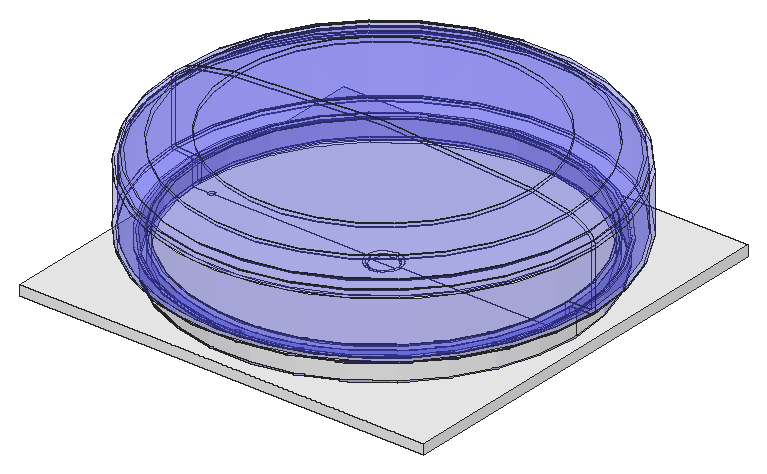
Revit family "BE_50034P_de_DE", category Leuchten, Revit 2020
Family settings
  Basisbauteil = Fläche
  Bemaßung runder Anschluss = Durchmesser verwenden
  Teiletyp = Normal
  Beim Laden mit Abzugskörper schneiden = Ja
  Lichtquelle = Ja
  Gemeinsam genutzt = Nein
  Raumberechnungspunkt = Ja
Parameters (values of type "BEGA_50034P_K4")
  built-in parameter 1150104 = 11.669 (stored number, unit not read)
  Wattage = 43.5 W
  Default Elevation = 0 mm
  built-in parameter 1150113 = 1 (stored number, unit not read)
  built-in parameter 1114218 = 1 (stored number, unit not read)
  Umgebungstemperatur = "25 °C"
  URL = "https://www.bega.com/de/produkt/50034P"
  Typenkommentare = "© 2022 BEGA. Wir behalten uns das Recht vor, technische Änderungen ohne vorherige Ankündigung vorzunehmen."  # constant formula
  built-in parameter 1150134 = (empty or 0)
  built-in parameter 1150109 = 1 (stored number, unit not read)
  Strom = ""
  built-in parameter 1150110 = 1 (stored number, unit not read)
  Spannung = 239.996 V
  Sonderanfertigung = no
  Seriennummer [instance] = "Hier können Sie die eindeutige Seriennummer für das Facility Management eintragen."
  Schutzklasse = "I"
  Schutzart = "IP 20"
  Scheinlast = 0 VA
  Produktdatenblatt = "http://www.bega.de/download/Xrfa/db/50034P.db.de.pdf"
  Oberflächentemperatur = ""
  Neigungswinkel = 0.00°
  Model = "50034PK2"
  Material_17 = BEGA_Reflektor
  Material_15 = BEGA_Leuchtmedium_matt
  Material_14 = BEGA_Kunststoff_opal
  Material_11 = BEGA_Glas_opal
  Material_09 = BEGA_Glas_klar
  Material_06 = BEGA_Oberfläche_Edelstahl_gebürstet
  Material_03 = BEGA_Oberfläche_Weiss_matt
  Material_02 = BEGA_Oberfläche_Silber_matt
  Material_01 [instance] = BEGA_Oberfläche_Grafit_matt
  M_W = no
  M_G = no
  M_A = no
  Logo = 0
  built-in parameter 1114217 = 1 (stored number, unit not read)
  built-in parameter 1150139 = (empty or 0)
  built-in parameter 1150105 = 1311.8 (stored number, unit not read)
  built-in parameter 1150114 = 1 (stored number, unit not read)
  Lumens = 5463.6 lm
  built-in parameter 1150115 = 1 (stored number, unit not read)
  Leuchtenlichtstrom = "4307 lm"
  Leuchtenanzahl = ""
  Lebensdauerkriterien = "L70B50 @ 25 °C = 139000 h"
  Lastklassifizierung = Beleuchtung
  built-in parameter 1150112 = 1 (stored number, unit not read)
  Lampenlichtstrom = "5465 lm"
  Lamp = "LED 43.5 W"
  LED_Modulbezeichnung = "LED-0630/927"
  Hersteller = "BEGA"  # constant formula
  Halbstreuwinkel = ""
  Gewicht = "2.1 kg"
  Gebrauchslageneinschränkung [instance] = ""
  Frequenz = "0/50-60 Hz"
  Farbwiedergabeindex = "CRI > 90"
  Farbtemperaturverschiebung bei Dämpfen der Lampe = <Keine Auswahl>
  Farbtemperatur = "2700 K"
  Color Filter = 16777215
  built-in parameter 1150133 = 10 (stored number, unit not read)
  Energieeffizienzklasse = "LED A++ - A"
  built-in parameter 1150137 = (empty or 0)
  built-in parameter 1150132 = (empty or 0)
  ENEC = "ja"
  Dimmbar [instance] = ""
  Photometric Web File = "BE_50034PK2.IES"
  CE_Konformität = "ja"
  Bestellnummer = "50034PK2"
  Beschreibung_Sonderanfertigung = "Hier können Sie Informationen zur Sonderanfertigung eintragen."
  Beschreibung = "Decken- und Wandleuchte"
  built-in parameter 1150106 = 13.118 (stored number, unit not read)
  Befestigungsbohrung = "Ø 6 mm"
  Befestigungsabstand = "340 mm"
  Ballwurfsicher = ""
  BEGA_Intern_aus = yes
  BEGA_Intern_an = yes
  BEGA_Intern_Konstruktion = yes
  BEGA_Intern = yes
  BEGA_IES = yes
  BEGA_Dummy = no
  Anschlussleitung = ""
  Anschlussleistung [instance] = "48.7 W"
  Anschlusskasten = ""
  built-in parameter 1150107 = 2700 (stored number, unit not read)
  built-in parameter 1150102 = (empty or 0)
  built-in parameter 1150138 = (empty or 0)
  Aktualisierung = "2020-05-11T04:00:10"
  Abstand_zur_angestrahlten_Fläche [instance] = ""
  AC/DC = "AC/DC"
Types (3, lengths in mm): name | built-in parameter 1150104 | built-in parameter 1150134 | Model | built-in parameter 1150105 | Lumens | Leuchtenlichtstrom | Lampenlichtstrom | LED_Modulbezeichnung | Farbtemperatur | Photometric Web File | Bestellnummer | built-in parameter 1150106 | built-in parameter 1150107
  BEGA_50034P_K4 | 12.18 (stored number, unit not read) | 12 | "50034PK4" | 453.82 (stored number, unit not read) | 5702.85 lm | "5072 lm" | "6435 lm" | "LED-0630/930" | "4000 K" | "BE_50034PK4.IES" | "50034PK4" | 4.5382 (stored number, unit not read) | 4000 (stored number, unit not read)
  BEGA_50034P_K3 | 11.762 (stored number, unit not read) | (empty or 0) | "50034PK3" | 1322.3 (stored number, unit not read) | 5507.1 lm | "5072 lm" | "6435 lm" | "LED-0630/930" | "3000 K" | "BE_50034PK3.IES" | "50034PK3" | 13.223 (stored number, unit not read) | 3000 (stored number, unit not read)
  BEGA_50034P_K27 | 12.18 (stored number, unit not read) | 12 | "50034PK27" | 453.82 (stored number, unit not read) | 5702.85 lm | "4906 lm" | "6225 lm" | "LED-0630/927" | "2700 K" | "BE_50034PK27.IES" | "50034PK27" | 4.5382 (stored number, unit not read) | 4000 (stored number, unit not read)
Reference planes
  plane 1 "Mitte (Vorne/Hinten)": y = 0
  plane 2: z = 0
  plane 3 "Mitte (Links/Rechts)": x = 0
  plane 4 "Links": x = -210
  plane 5 "Rechts": x = 210
  plane 6 "Unten": y = -210
  plane 7 "Oben": y = 210
  plane 8 "Vorne": z = 127.8
  plane 9 "Hinten": z = 0
Forms (mm)
  Extrusion 1, solid, material "BEGA_Platte_Weiss"
    sketch origin (0, -1119.2, 0) x (1, 0, 0) y (0, 1, 0)
      loop
        line (-200, 1319.2) -> (-200, 919.2) -> (200, 919.2) -> (200, 1319.2) -> (-200, 1319.2)
    from 0 to -10
  Extrusion 2, solid, material "BEGA_Dummy_matt", visible <- "BEGA_Dummy"
    sketch origin (77.149, -76.023, 0) x (1, 0, 0) y (0, 1, 0)
      loop
        circle (-77.149, 76.023) r 210
    from 0 to 127.8
Dimensions and locks
  plane 1 "Mitte (Vorne/Hinten)" to Extrusion 1 = 200 mm
  aligned and locked: plane 2 to Extrusion 1
  aligned and locked: level to Extrusion 1
Nested families
  nested 1: "BE_50034P" at (0, 0, 0) x (0, -1, 0) z (0, 0, 1), type "BE_50034P"
Connectors
  electrical at (0, 0, 0), driven by "Lastklassifizierung", driven by "Spannung", driven by "Scheinlast"
    settings: index 1, voltage 239.996 V, apparent load 0 VA, apparent load phase1 0 VA, apparent load phase2 0 VA, apparent load phase3 0 VA, power factor 1, load classification "Beleuchtung", number of poles 1, system type 31, power factor state 1, is connector primary yes, connector utility no, sub classification motor no, connector description ""
Definition of nested family "BE_50034P"
  Parameters (values of type "BE_50034P")
    Default Elevation = 1 mm
    URL = "http://www.bega.de/de/produkt"
    Type Comments = "© 2015 BEGA. Wir behalten uns das Recht vor, technische Änderungen ohne vorherige Ankündigung vorzunehmen. "  # constant formula
    Type Image = (empty or 0)
    Neigungswinkel_um_Z2 = 0.00°
    Neigungswinkel_um_Z1 = 0.00°
    Neigungswinkel_um_Y2 = 0.00°
    Neigungswinkel_um_Y1 = 0.00°
    Neigungswinkel_um_X2 = 0.00°
    Neigungswinkel_um_X1 = 0.00°
    Material_17 = none
    Material_15 = none
    Material_14 = none
    Material_11 = none
    Material_09 = none
    Material_06 = none
    Material_05 = none
    Material_03 = none
    Material_02 = none
    Material_01 = none
    M_W = yes
    M_G = yes
    M_A = yes
    Länge_Platte = 600 mm  # constant formula
    Höhe_Platte = -10 mm  # constant formula
    Manufacturer = "BEGA"  # constant formula
    Drehwinkel_um_Z2 = 0.00°
    Drehwinkel_um_Z1 = 0.00°
    Breite_Platte = 600 mm  # constant formula
  Reference planes
    plane 1 "Mitte (Oben/Unten)": y = 0
    plane 2: z = 0
    plane 3 "Mitte (Links/Rechts)": x = 0
    plane 4: y = 210
    plane 5: z = 127.8
    plane 6: y = -210
    plane 7: x = -210
    plane 8: x = 210
  Forms (mm)
    Extrusion 1, solid, detail levels medium
      sketch origin (0, 0, 0) x (1, 0, 0) y (0, 1, 0)
        loop
          line (-300, 300) -> (-300, -300) -> (300, -300) -> (300, 300) -> (-300, 300)
      from 0 to -10 <- "Höhe_Platte"
    Revolve 2, solid, material <- "Material_03", detail levels medium+fine
      sketch origin (0, 0, 0) x (0, 1, 0) y (0, 0, 1)
        loop
          arc (16.416, 3.3) -> (15.11, 2.929) -> (14.191, 1.93) r 2.5
          arc (14.191, 1.93) -> (13.639, 1.325) -> (12.852, 1.1) r 1.5
          line (12.852, 1.1) -> (0.002, 1.1) -> (0.002, 0.1) -> (13.076, 0.1)
          arc (13.076, 0.1) -> (14.387, 0.471) -> (15.313, 1.475) r 2.5
          arc (15.313, 1.475) -> (15.866, 2.077) -> (16.653, 2.3) r 1.5
          line (16.653, 2.3) -> (188.667, 2.3)
          arc (188.667, 2.3) -> (190.064, 2.868) -> (190.667, 4.25) r 2
          line (190.667, 4.25) -> (191.038, 25.509)
          arc (191.038, 25.509) -> (191.277, 26.071) -> (191.842, 26.3) r 0.8
          line (191.842, 26.3) -> (194, 26.3) -> (194, 27.3) -> (191.844, 27.3)
          arc (191.844, 27.3) -> (190.578, 26.786) -> (190.038, 25.531) r 1.8
          line (190.038, 25.531) -> (189.667, 4.275)
          arc (189.667, 4.275) -> (189.365, 3.584) -> (188.667, 3.3) r 1
          line (188.667, 3.3) -> (16.416, 3.3)
        axis (0.002, 0.1) -> (0.002, 27.3)
      angle from 0 to 360
    Revolve 3, solid, material <- "Material_03", detail levels medium+fine
      sketch origin (87.5, 0, 0) x (0, 1, 0) y (0, 0, 1)
        loop
          line (151.554, 0) -> (151.554, 2.691) -> (145.799, 2.691)
          arc (145.799, 2.691) -> (148.377, 0.706) -> (151.554, 0) r 7.5
        axis (151.554, 2.691) -> (151.554, 0)
      angle from 0 to 360
    Extrusion 4, void
      sketch origin (0, 0, 0) x (1, 0, 0) y (0, 1, 0)
        loop
          circle (163, 18) r 8.5
        loop
          circle (163, -18) r 8.5
        loop
          circle (0, 170) r 3
        loop
          circle (0, -170) r 3
      from 0 to 7.205
    Revolve 5, solid, material <- "Material_14", detail levels medium+fine
      sketch origin (0, 0, 0) x (0, 1, 0) y (0, 0, 1)
        loop
          arc (185.037, 111.947) -> (166.501, 116.443) -> (147.656, 119.387) r 230
          arc (147.656, 119.387) -> (73.948, 125.695) -> (0, 127.8) r 1299.91
          line (0, 127.8) -> (0, 123.8)
          arc (0, 123.8) -> (73.763, 121.699) -> (147.287, 115.403) r 1295.91
          arc (147.287, 115.403) -> (165.775, 112.509) -> (183.961, 108.094) r 226
          arc (183.961, 108.094) -> (193.162, 104.323) -> (201.339, 98.662) r 46
          arc (201.339, 98.662) -> (203.744, 95.883) -> (205.275, 92.542) r 13
          arc (205.275, 92.542) -> (205.818, 90.189) -> (206, 87.78) r 16
          line (206, 87.78) -> (206, 32.958) -> (182.901, 31.748)
          arc (182.901, 31.748) -> (180.841, 30.798) -> (180, 28.691) r 3.061
          line (180, 28.691) -> (180, 10.3) -> (184, 10.3) -> (184, 26.851)
          arc (184, 26.851) -> (184.275, 27.539) -> (184.948, 27.85) r 1
          line (184.948, 27.85) -> (207.172, 29.014)
          arc (207.172, 29.014) -> (209.181, 29.95) -> (210, 32.009) r 3
          line (210, 32.009) -> (210, 87.839)
          arc (210, 87.839) -> (209.678, 91.376) -> (208.735, 94.8) r 20
          arc (208.735, 94.8) -> (206.78, 98.538) -> (203.964, 101.679) r 17
          arc (203.964, 101.679) -> (195.06, 107.844) -> (185.037, 111.947) r 50
        axis (0, 127.8) -> (0, 10.3)
      angle from 0 to 360
    Revolve 6, solid, material <- "Material_03", detail levels medium+fine
      sketch origin (-43.75, -75.777, 0) x (0.866025, -0.5, 0) y (0, 0, 1)
        loop
          line (151.554, 0) -> (151.554, 2.691) -> (145.799, 2.691)
          arc (145.799, 2.691) -> (148.377, 0.706) -> (151.554, 0) r 7.5
        axis (151.554, 2.691) -> (151.554, 0)
      angle from 0 to 360
    Revolve 7, solid, material <- "Material_03", detail levels medium+fine
      sketch origin (-43.75, 75.777, 0) x (-0.866025, -0.5, 0) y (0, 0, 1)
        loop
          line (151.554, 0) -> (151.554, 2.691) -> (145.799, 2.691)
          arc (145.799, 2.691) -> (148.377, 0.706) -> (151.554, 0) r 7.5
        axis (151.554, 2.691) -> (151.554, 0)
      angle from 0 to 360
  Cuts and joins
    Extrusion 4 cuts Revolve 2
    Extrusion 4 cuts Revolve 3
    joined: Revolve 2, Revolve 3, Revolve 6, Revolve 7
  Dimensions and locks
    equal spacing: Extrusion 1 sketch curve, plane 3 "Mitte (Links/Rechts)", Extrusion 1 sketch curve
    equal spacing: Extrusion 1 sketch curve, plane 1 "Mitte (Oben/Unten)", Extrusion 1 sketch curve
    "Länge_Platte": Extrusion 1 sketch curve to Extrusion 1 sketch curve
    "Breite_Platte": Extrusion 1 sketch curve to Extrusion 1 sketch curve
    aligned and locked: Extrusion 1 to plane 2
    aligned and locked: level to Extrusion 1
  Automatic sketch dimensions
    Revolve 2 sketch curve to Revolve 2 sketch curve = 0 mm  (x14)
    level to Revolve 2 sketch curve = 2.6 mm
    Revolve 2 sketch curve to plane 1 "Mitte (Oben/Unten)" = 12.849 mm
    Revolve 2 sketch curve to Revolve 2 sketch curve = 0.003 mm
    Revolve 2 sketch curve to Revolve 2 sketch curve = 0.227 mm
    Revolve 2 sketch curve to Revolve 2 sketch curve = 3.34 mm
    level to Revolve 2 sketch curve = 0.8 mm
    Revolve 2 sketch curve to Revolve 2 sketch curve = 0.005 mm
    Revolve 2 sketch curve to Revolve 2 sketch curve = 0.236 mm
    level to Revolve 2 sketch curve = 3.3 mm
    level to Revolve 2 sketch curve = 4.275 mm
    Revolve 2 sketch curve to Revolve 2 sketch curve = 1 mm  (x6)
    level to Revolve 2 sketch curve = 4.25 mm
    Revolve 2 sketch curve to Revolve 2 sketch curve = 0.8 mm
    Revolve 2 sketch curve to Revolve 2 sketch curve = 0.004 mm  (x2)
    Revolve 2 sketch curve to Revolve 2 sketch curve = 0.002 mm
    Revolve 2 sketch curve to Revolve 2 sketch curve = 2.158 mm
    level to Revolve 2 sketch curve = 0.1 mm
    Revolve 2 sketch curve to Revolve 2 sketch curve = 21.25 mm
    Revolve 2 sketch curve to Revolve 2 sketch curve = 0.009 mm
    Revolve 2 sketch curve to plane 1 "Mitte (Oben/Unten)" = 0.002 mm
    Revolve 2 sketch curve to Revolve 2 sketch curve = 1.118 mm
    Revolve 3 sketch curve to Revolve 3 sketch curve = 0 mm  (x3)
    Revolve 3 sketch curve to Revolve 3 sketch curve = 4.809 mm
    Revolve 3 sketch curve to Revolve 3 sketch curve = 2.309 mm
    Revolve 3 sketch curve to Revolve 3 sketch curve = 5.756 mm
    Revolve 6 sketch curve to Revolve 6 sketch curve = 0 mm  (x3)
    Revolve 6 sketch curve to Revolve 6 sketch curve = 4.809 mm
    Revolve 6 sketch curve to Revolve 6 sketch curve = 2.309 mm
    Revolve 6 sketch curve to Revolve 6 sketch curve = 5.756 mm
    Revolve 7 sketch curve to Revolve 7 sketch curve = 0 mm  (x3)
    Revolve 7 sketch curve to Revolve 7 sketch curve = 4.809 mm
    Revolve 7 sketch curve to Revolve 7 sketch curve = 2.309 mm
    Revolve 7 sketch curve to Revolve 7 sketch curve = 5.756 mm
    Revolve 3 sketch curve to level = 0 mm
    Revolve 6 sketch curve to level = 0 mm
    level to Revolve 7 sketch curve = 0 mm
    plane 1 "Mitte (Oben/Unten)" to Extrusion 4 sketch curve = 18 mm
    Extrusion 4 sketch curve to plane 1 "Mitte (Oben/Unten)" = 18 mm
    Revolve 5 sketch curve to Revolve 5 sketch curve = 0 mm  (x18)
    plane 1 "Mitte (Oben/Unten)" to Revolve 5 sketch curve = 0 mm
    Revolve 5 sketch curve to plane 1 "Mitte (Oben/Unten)" = 0.006 mm
    Revolve 5 sketch curve to Revolve 5 sketch curve = 2.901 mm
    Revolve 5 sketch curve to Revolve 5 sketch curve = 3.061 mm
    Revolve 5 sketch curve to Revolve 5 sketch curve = 4 mm  (x3)
    Revolve 5 sketch curve to Revolve 5 sketch curve = 1 mm  (x2)
    Revolve 5 sketch curve to Revolve 5 sketch curve = 2.81 mm
    Revolve 5 sketch curve to Revolve 5 sketch curve = 13.19 mm
    Revolve 5 sketch curve to Revolve 5 sketch curve = 0.172 mm
    Revolve 5 sketch curve to level = 1172.111 mm
    Revolve 5 sketch curve to level = 109.132 mm
    level to Revolve 5 sketch curve = 10.3 mm
    Revolve 5 sketch curve to Revolve 5 sketch curve = 16.551 mm
    Revolve 5 sketch curve to Revolve 5 sketch curve = 1.84 mm
    Revolve 5 sketch curve to Revolve 5 sketch curve = 2.163 mm
    Revolve 5 sketch curve to Revolve 5 sketch curve = 2.995 mm
    Revolve 5 sketch curve to Revolve 5 sketch curve = 0.949 mm
    Revolve 5 sketch curve to Revolve 5 sketch curve = 32.146 mm
    Revolve 5 sketch curve to Revolve 5 sketch curve = 0.02 mm
    Revolve 5 sketch curve to Revolve 5 sketch curve = 0.059 mm
    Revolve 5 sketch curve to Revolve 5 sketch curve = 1.05 mm
    Revolve 5 sketch curve to Revolve 5 sketch curve = 0.369 mm
    Revolve 5 sketch curve to Revolve 5 sketch curve = 6.039 mm
    Revolve 5 sketch curve to Revolve 5 sketch curve = 0.052 mm
    Revolve 5 sketch curve to Revolve 5 sketch curve = 2.626 mm
    Revolve 5 sketch curve to Revolve 5 sketch curve = 3.46 mm
    Revolve 5 sketch curve to Revolve 5 sketch curve = 23.886 mm
    level to Revolve 5 sketch curve = 123.8 mm
    Revolve 5 sketch curve to Revolve 5 sketch curve = 1.076 mm
    Revolve 5 sketch curve to Revolve 5 sketch curve = 4.661 mm
    Revolve 5 sketch curve to Revolve 5 sketch curve = 0.725 mm
    Revolve 5 sketch curve to Revolve 5 sketch curve = 6.968 mm
    Revolve 2 sketch curve to Revolve 2 sketch curve = 172.015 mm
    Revolve 2 sketch curve to Revolve 2 sketch curve = 0.371 mm
    Revolve 3 sketch curve to plane 1 "Mitte (Oben/Unten)" = 145.799 mm
    Revolve 5 sketch curve to plane 1 "Mitte (Oben/Unten)" = 121.603 mm
    Revolve 5 sketch curve to plane 1 "Mitte (Oben/Unten)" = 171.218 mm
    Revolve 5 sketch curve to Revolve 5 sketch curve = 8.782 mm
    Revolve 5 sketch curve to Revolve 5 sketch curve = 18.782 mm
    Revolve 5 sketch curve to Revolve 5 sketch curve = 36.674 mm
    Extrusion 4 sketch curve to plane 3 "Mitte (Links/Rechts)" = 0 mm  (x2)
    plane 3 "Mitte (Links/Rechts)" to Extrusion 4 sketch curve = 163 mm
    Extrusion 4 sketch curve to Extrusion 4 sketch curve = 0 mm
    plane 6 to Extrusion 4 sketch curve = 40 mm
    plane 4 to Extrusion 4 sketch curve = 40 mm
    radius of Extrusion 4 sketch curve = 8.5 mm  (x2)
    radius of Extrusion 4 sketch curve = 3 mm  (x2)
